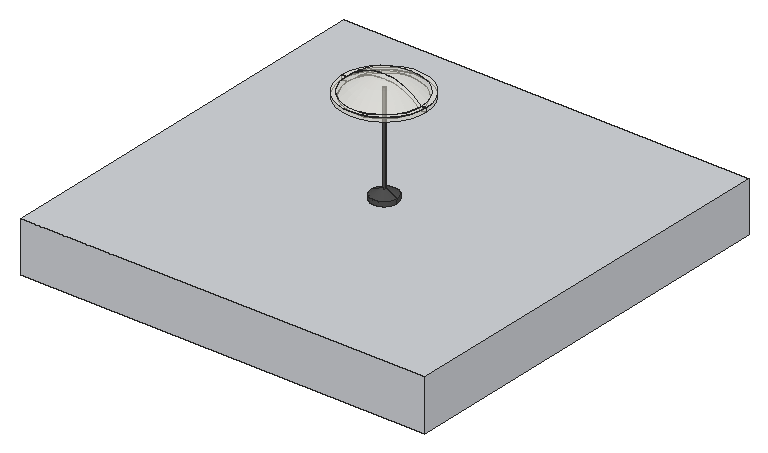
Revit family "M_Luminária de forro - Hemisférico", category Luminárias, Revit 2019
Family settings
  Hospedeiro = Face
  Cota do conector redondo = Utilizar diâmetro
  Tipo de parte = Normal
  Número OmniClass = 23.80.70.11.11
  Título OmniClass = General Luminaries, Non Directional
  ID de item do Seek = Pendant Light - Hemisphere-0000-CAN-ENU
  Corte com vazios quando carregada = Não
  Fonte luminosa = Sim
  Compartilhado = Não
  Ponto de cálculo do ambiente = Não
Parameters (values of type "100W - 120V")
  Wattage = 100 W
  built-in parameter 1150110 = 1 (stored number, unit not read)
  built-in parameter 1150109 = 1 (stored number, unit not read)
  built-in parameter 1150134 = 4
  built-in parameter 1150113 = 1 (stored number, unit not read)
  Tilt Angle = -90.00°
  Arquivo de rede fotométrica = "WLB1A19.ies"
  Material pendente = Vidro, Jateado
  Lumens = 1690 lm
  built-in parameter 1114217 = 1 (stored number, unit not read)
  built-in parameter 1150115 = 1 (stored number, unit not read)
  built-in parameter 1150105 = 134.49 (stored number, unit not read)
  Classificação de carga = Iluminação - Unidade de interrupção
  built-in parameter 1150137 = 1
  built-in parameter 1150139 = (empty or 0)
  built-in parameter 1150112 = 1 (stored number, unit not read)
  built-in parameter 1150114 = 1 (stored number, unit not read)
  Lâmpada = "A-19"
  built-in parameter 1150132 = (empty or 0)
  built-in parameter 1150102 = (empty or 0)
  built-in parameter 1150138 = (empty or 0)
  built-in parameter 1150107 = 2800 (stored number, unit not read)
  built-in parameter 1150106 = 1.3449 (stored number, unit not read)
  built-in parameter 1150104 = 1.5701 (stored number, unit not read)
  Cair do forro = 675 mm
  Troca de temperatura da cor de lâmpada com esmaecimento = <Nenhum>
  Elevação-padrão = 1200 mm
  Filtro de cor = 16777215
  Material montado no forro = Aço, Cromo polido
  built-in parameter 1140040 [instance] = 1
  Voltagem do transformador = 120 V
  Transformador por número de postes = 1
  built-in parameter 1114218 = 1 (stored number, unit not read)
  built-in parameter 1150133 = 10 (stored number, unit not read)
  Código de montagem = "D5020220"
  Carga aparente = 100 VA
Types (5, lengths in mm): name | Wattage | Arquivo de rede fotométrica | Lumens | built-in parameter 1150105 | Lâmpada | built-in parameter 1150106 | built-in parameter 1150104 | Voltagem do transformador | Carga aparente
  (no name) | 100 W | "WLB1A19.ies" | 1690 lm | 134.49 (stored number, unit not read) | "A-19" | 1.3449 (stored number, unit not read) | 1.5701 (stored number, unit not read) | 120 V | 100 VA
  100W - 120V | 100 W | "WLB1A19.ies" | 1690 lm | 134.49 (stored number, unit not read) | "A-19" | 1.3449 (stored number, unit not read) | 1.5701 (stored number, unit not read) | 120 V | 100 VA
  100W - 277V | 100 W | "WLB1A19.ies" | 1690 lm | 134.49 (stored number, unit not read) | "A-19" | 1.3449 (stored number, unit not read) | 1.5701 (stored number, unit not read) | 277 V | 100 VA
  150W - 120V | 150 W | "PLD1A21.ies" | 2779.5 lm | 221.19 (stored number, unit not read) | "A-21" | 2.2119 (stored number, unit not read) | 1.7215 (stored number, unit not read) | 120 V | 150 VA
  150W - 277V | 150 W | "PLD1A21.ies" | 2779.5 lm | 221.19 (stored number, unit not read) | "A-21" | 2.2119 (stored number, unit not read) | 1.7215 (stored number, unit not read) | 277 V | 150 VA
Reference planes
  plane 1 "Centro (Frente/Trás)": y = 0
  plane 2: z = 0
  plane 3 "Centro (Esquerda/Direita)": x = 0
  plane 4: z = 25.4
  plane 5: z = 61.119
  plane 6: x = -76.2
  plane 7: z = 598.8
  plane 8: z = 675
  plane 9: x = -228.6
  plane 10: x = -254
  plane 11: x = -218.281
  plane 12: z = 578.163
  plane 13: z = 552.763
  plane 14: z = 649.6
Forms (mm)
  Extrusion 1, solid
    sketch origin (0, 0, 0) x (1, 0, 0) y (0, 1, 0)
      loop
        line (-1219.2, 1219.2) -> (-1219.2, -1219.2) -> (1219.2, -1219.2) -> (1219.2, 1219.2) -> (-1219.2, 1219.2)
    from 0 to -304.8
  Revolve 2, solid, material "Aço, Cromo polido" <- "Material montado no forro"
    sketch origin (0, 0, 0) x (1, 0, 0) y (0, 0, 1)
      loop
        line (0, 0) -> (0, 61.119) -> (-76.2, 25.4) -> (-76.2, 0) -> (0, 0)
      axis (0, 0) -> (0, 61.119)
    angle from 0 to 360
  Extrusion 3, solid, material "Aço, Cromo polido" <- "Material montado no forro"
    sketch origin (0, 0, 0) x (1, 0, 0) y (0, 1, 0)
      loop
        circle (0, 0) r 6.35
    from 0 to 598.8
  Revolve 4, solid, material "Vidro, Jateado" <- "Material pendente"
    sketch origin (0, 0, 0) x (1, 0, 0) y (0, 0, 1)
      loop
        arc (-218.281, 552.763) -> (-118.807, 622.97) -> (0, 649.6) r 310.952
        line (0, 649.6) -> (0, 675)
        arc (0, 675) -> (-123.675, 648.712) -> (-228.6, 578.163) r 332.581
        line (-228.6, 578.163) -> (-254, 578.163) -> (-254, 552.763) -> (-218.281, 552.763)
      axis (0, 675) -> (0, 552.763)
    angle from 0 to 360
Cuts and joins
  joined: Revolve 2, Extrusion 3
Dimensions and locks
  plane 5 to plane 2 = 61.119 mm
  plane 4 to plane 2 = 25.4 mm
  plane 6 to plane 3 "Centro (Esquerda/Direita)" = 76.2 mm
  plane 8 to plane 7 = 76.2 mm
  "Cair do forro": plane 8 to plane 2
  plane 3 "Centro (Esquerda/Direita)" to plane 10 = 254 mm
  plane 3 "Centro (Esquerda/Direita)" to plane 9 = 228.6 mm
  plane 3 "Centro (Esquerda/Direita)" to plane 11 = 218.281 mm
  plane 8 to plane 12 = 96.837 mm
  plane 8 to plane 13 = 122.237 mm
  plane 8 to plane 14 = 25.4 mm
  aligned and locked: plane 2 to Extrusion 1
  aligned and locked: level to Extrusion 1
  aligned and locked: Revolve 2 sketch curve to plane 3 "Centro (Esquerda/Direita)"
  aligned and locked: plane 2 to Revolve 2 sketch curve
  aligned and locked: Revolve 2 sketch curve to plane 6
  aligned and locked: plane 3 "Centro (Esquerda/Direita)" to Revolve 2 sketch curve
  aligned and locked: plane 3 "Centro (Esquerda/Direita)" to Extrusion 3 sketch curve
  aligned and locked: plane 1 "Centro (Frente/Trás)" to Extrusion 3 sketch curve
  aligned and locked: plane 7 to Extrusion 3
  aligned and locked: Extrusion 3 to plane 2
  aligned and locked: Revolve 4 sketch curve to plane 3 "Centro (Esquerda/Direita)"  (x2)
  aligned and locked: plane 10 to Revolve 4 sketch curve
  aligned and locked: Revolve 4 sketch curve to plane 12
  aligned and locked: plane 13 to Revolve 4 sketch curve
  aligned and locked: plane 1 "Centro (Frente/Trás)" to imposter light
  aligned and locked: plane 3 "Centro (Esquerda/Direita)" to imposter light
  aligned and locked: plane 7 to imposter light
Automatic sketch dimensions
  Extrusion 1 sketch curve to Extrusion 1 sketch curve = 2438.4 mm  (x2)
  Revolve 2 sketch curve to plane 4 = 0 mm
  Revolve 2 sketch curve to plane 5 = 0 mm
  Revolve 2 sketch curve to level = 44.515 mm
  Revolve 2 sketch curve to Revolve 2 sketch curve = 12.635 mm
  Revolve 4 sketch curve to plane 9 = 0 mm
  Revolve 4 sketch curve to plane 11 = 0 mm
  Revolve 4 sketch curve to plane 14 = 0 mm
  Revolve 4 sketch curve to plane 8 = 0 mm
  plane 3 "Centro (Esquerda/Direita)" to Revolve 4 sketch curve = 6.051 mm
  Revolve 4 sketch curve to Revolve 4 sketch curve = 1.239 mm
  Revolve 4 sketch curve to plane 13 = 41.125 mm
  Revolve 4 sketch curve to plane 14 = 23.662 mm
  radius of Extrusion 3 sketch curve = 6.35 mm
Connectors
  electrical at (0, 0, 552.763), driven by "Carga aparente", driven by "Voltagem do transformador", driven by "Transformador por número de postes", driven by "Classificação de carga"
    settings: on Revolve 4, index 1, voltage 120 V, apparent load 0 VA, apparent load phase1 100 VA, apparent load phase2 0 VA, apparent load phase3 0 VA, power factor 0.95, load classification "Iluminação - Unidade de interrupção", number of poles 1, system type 31, power factor state 1, is connector primary yes, connector utility no, sub classification motor no, connector description ""
